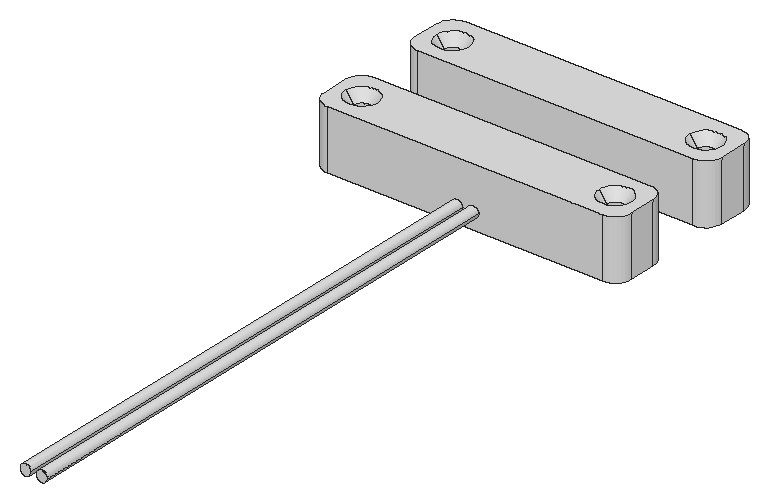
Revit family "izveshchatel okhrannyy magnitokontaktnyy 102-52", category Датчики, Revit 2023
Family settings
  Размер круглого соединителя = Использовать диаметр
  Тип детали = Нормальный
  Номер OmniClass = 23.85.50.17
  Заголовок OmniClass = Communication and Data Processing Equipment
  На основе рабочей плоскости = Нет
  Всегда вертикально = Да
  При загрузке вырезать с полостями = Нет
  Сохранять ориентацию аннотаций = Нет
  Общий = Нет
  Точка принадлежности помещению = Нет
Parameters (values of type "Извещатель охранный магнитоконтактный ИО 102-52 белый")
  Число срабатываний = "от 0,01 А до 0,05 А и напряжений от 10 В до 50 В должно быть не менее 106 при максимальной мощности 10 Вт."
  Степень защиты оболочки = "IP44"
  Срок службы = "не менее 8 лет."
  Отметка по умолчанию = 0 mm
  Описание = "Извещатель охранный точечный магнитоконтактный ИО102-52 (СМК-1) (далее – извещатель) предназначен для блокировки дверных и оконных проёмов, организации устройств типа «ловушка», а также блокировки других конструктивных элементов зданий и сооружений на открывание или смещение с выдачей сигнала «тревога» путём размыкания контактов геркона на приёмно-контрольный прибор, концентратор или пункт централизованного наблюдения."
  Keynote = ""
  Кабель = yes
  Изготовитель = [ADSK_Завод-изготовитель]  # "ООО НПП «МАГНИТО-КОНТАКТ»"
  Выходное сопротивление = "не более 0,5 Ом при токе пропускания (100±10) мА."
  URL = "https://m-kontakt.ru/produkt/datch_dlya_magn_konstr/io_102_52"
  ADSK_Размер_Ширина = 11 mm
  ADSK_Размер_Длина вывода = 100 mm
  ADSK_Размер_Длина = 57 mm
  ADSK_Размер_Диаметр = 3.2 mm
  ADSK_Размер_Высота = 11 mm
  ADSK_Примечание = "Извещатель рассчитан на непрерывную круглосуточную работу."
  ADSK_Обозначение = "ПАШК.425119.123"
  ADSK_Наименование краткое = "ИО 102-52"
  ADSK_Наименование = "Извещатель охранный точечный магнитоконтактный ИО102-52"
  ADSK_Материал = Белый
  ADSK_Масса = 0.12
  ADSK_Завод-изготовитель = "ООО НПП «МАГНИТО-КОНТАКТ»"  # constant formula
  ADSK_Единица измерения = "шт."  # constant formula
Types (4, lengths in mm): name | ADSK_Материал
  (no name) | Белый
  Извещатель охранный магнитоконтактный ИО 102-52 белый | Белый
  Извещатель охранный магнитоконтактный ИО 102-52 коричневый | Коричневый
  Извещатель охранный магнитоконтактный ИО 102-52 черный | Черный
Reference planes
  plane 1 "По центру (Вперед/Назад)": y = 0
  plane 2: z = 0
  plane 3 "По центру (Влево/Вправо)": x = 0
  plane 4: y = 5
  plane 5: y = -5
Forms (mm)
  Extrusion 1, solid, material "Белый" <- "ADSK_Материал"
    sketch origin (-28.5, -16, 0) x (1, 0, 0) y (0, 1, 0)
      loop
        line (2.991, 0) -> (54.009, 0)
        arc (54.009, 0) -> (56.124, 0.876) -> (57, 2.991) r 2.991
        line (57, 2.991) -> (57, 8.009)
        arc (57, 8.009) -> (56.124, 10.124) -> (54.009, 11) r 2.991
        line (54.009, 11) -> (2.991, 11)
        arc (2.991, 11) -> (0.876, 10.124) -> (0, 8.009) r 2.991
        line (0, 8.009) -> (0, 2.991)
        arc (0, 2.991) -> (0.876, 0.876) -> (2.991, 0) r 2.991
    from 0 to 11
  Extrusion 2, solid, material "Белый" <- "ADSK_Материал"
    sketch origin (-28.5, 16, 0) x (1, 0, 0) y (0, 1, 0)
      loop
        arc (2.991, 0) -> (0.876, -0.876) -> (0, -2.991) r 2.991
        line (0, -2.991) -> (0, -8.009)
        arc (0, -8.009) -> (0.876, -10.124) -> (2.991, -11) r 2.991
        line (2.991, -11) -> (54.009, -11)
        arc (54.009, -11) -> (56.124, -10.124) -> (57, -8.009) r 2.991
        line (57, -8.009) -> (57, -2.991)
        arc (57, -2.991) -> (56.124, -0.876) -> (54.009, 0) r 2.991
        line (54.009, 0) -> (2.991, 0)
    from 0 to 11
  Extrusion 3, solid, material "Белый" <- "ADSK_Материал", visible <- "Кабель"
    sketch origin (0, 0, 0) x (1, 0, 0) y (0, 0, 1)
      loop
        circle (1.516, 3) r 1
      loop
        circle (-1.516, 3) r 1
    from 16 to 116
  Blend 4, void
    base sketch origin (0, 0, 0) x (1, 0, 0) y (0, 1, 0)
      loop
        circle (23.5, -10.5) r 1.6
    top sketch origin (0, 0, 0) x (1, 0, 0) y (0, 1, 0)
      loop
        circle (23.5, -10.5) r 3
    from 9 to 11
  Blend 5, void
    base sketch origin (0, 0, 0) x (1, 0, 0) y (0, 1, 0)
      loop
        circle (-23.5, -10.5) r 1.6
    top sketch origin (0, 0, 0) x (1, 0, 0) y (0, 1, 0)
      loop
        circle (-23.5, -10.5) r 3
    from 9 to 11
  Blend 6, void
    base sketch origin (0, 0, 0) x (1, 0, 0) y (0, 1, 0)
      loop
        circle (-23.5, 10.5) r 1.6
    top sketch origin (0, 0, 0) x (1, 0, 0) y (0, 1, 0)
      loop
        circle (-23.5, 10.5) r 3
    from 9 to 11
  Blend 7, void
    base sketch origin (0, 0, 0) x (1, 0, 0) y (0, 1, 0)
      loop
        circle (23.5, 10.5) r 1.6
    top sketch origin (0, 0, 0) x (1, 0, 0) y (0, 1, 0)
      loop
        circle (23.5, 10.5) r 3
    from 9 to 11
  Extrusion 8, void
    sketch origin (0, 0, 9) x (0, 1, 0) y (1, 0, 0)
      loop
        circle (-10.5, -23.5) r 1.6
    from 0 to 9
  Extrusion 9, void
    sketch origin (0, 0, 9) x (0, 1, 0) y (1, 0, 0)
      loop
        circle (-10.5, 23.5) r 1.6
    from 0 to 9
  Extrusion 10, void
    sketch origin (0, 0, 9) x (0, 1, 0) y (1, 0, 0)
      loop
        circle (10.5, -23.5) r 1.6
    from 0 to 9
  Extrusion 11, void
    sketch origin (0, 0, 9) x (0, 1, 0) y (1, 0, 0)
      loop
        circle (10.5, 23.5) r 1.6
    from 0 to 9
Cuts and joins
  Blend 4, Blend 5, Extrusion 8, Extrusion 9 cuts Extrusion 1
  Blend 6, Blend 7, Extrusion 10, Extrusion 11 cuts Extrusion 2
Dimensions and locks
  "ADSK_Размер_Длина вывода": Extrusion 3 to cut or joined group of Extrusion 1, Blend 4, Blend 5, Extrusion 8, Extrusion 9
  aligned and locked: level to plane 2
  aligned and locked: plane 5 to Extrusion 1
  aligned and locked: Extrusion 2 to plane 4
Automatic sketch dimensions
  Extrusion 1 sketch curve to plane 5 = 0 mm
  Extrusion 1 sketch curve to plane 5 = 8.009 mm
  Extrusion 1 sketch curve to plane 3 "По центру (Влево/Вправо)" = 28.5 mm
  Extrusion 1 sketch curve to plane 5 = 2.991 mm  (x2)
  Extrusion 1 sketch curve to Extrusion 1 sketch curve = 2.991 mm
  plane 3 "По центру (Влево/Вправо)" to Extrusion 1 sketch curve = 25.509 mm
  Extrusion 1 sketch curve to Extrusion 1 sketch curve = 0 mm
  Extrusion 2 sketch curve to plane 4 = 0 mm
  plane 4 to Extrusion 2 sketch curve = 8.009 mm
  Extrusion 2 sketch curve to plane 3 "По центру (Влево/Вправо)" = 28.5 mm
  plane 4 to Extrusion 2 sketch curve = 2.991 mm  (x2)
  Extrusion 2 sketch curve to Extrusion 2 sketch curve = 2.991 mm
  plane 3 "По центру (Влево/Вправо)" to Extrusion 2 sketch curve = 25.509 mm
  Extrusion 2 sketch curve to Extrusion 2 sketch curve = 0 mm
  Extrusion 3 sketch curve to plane 3 "По центру (Влево/Вправо)" = 1.516 mm
  plane 3 "По центру (Влево/Вправо)" to Extrusion 3 sketch curve = 1.516 mm
  level to Extrusion 3 sketch curve = 3 mm  (x2)
  Blend 4 sketch curve to plane 5 = 5.5 mm  (x2)
  plane 3 "По центру (Влево/Вправо)" to Blend 4 sketch curve = 23.5 mm  (x2)
  Blend 5 sketch curve to plane 5 = 5.5 mm  (x2)
  Blend 5 sketch curve to plane 3 "По центру (Влево/Вправо)" = 23.5 mm  (x2)
  plane 4 to Blend 6 sketch curve = 5.5 mm  (x2)
  Blend 6 sketch curve to plane 3 "По центру (Влево/Вправо)" = 23.5 mm  (x2)
  plane 4 to Blend 7 sketch curve = 5.5 mm  (x2)
  plane 3 "По центру (Влево/Вправо)" to Blend 7 sketch curve = 23.5 mm  (x2)
  Extrusion 8 sketch curve to Extrusion 8 sketch curve = 0 mm  (x2)
  Extrusion 8 sketch curve to Extrusion 8 sketch curve = 1.6 mm
  Extrusion 10 sketch curve to Extrusion 10 sketch curve = 0 mm  (x2)
  Extrusion 10 sketch curve to Extrusion 10 sketch curve = 1.6 mm
  Extrusion 11 sketch curve to Extrusion 11 sketch curve = 0 mm  (x2)
  Extrusion 11 sketch curve to Extrusion 11 sketch curve = 1.6 mm
  radius of Extrusion 3 sketch curve = 1 mm  (x2)
  radius of Blend 4 sketch curve = 1.6 mm
  radius of Blend 4 sketch curve = 3 mm
  radius of Blend 5 sketch curve = 1.6 mm
  radius of Blend 5 sketch curve = 3 mm
  radius of Blend 6 sketch curve = 1.6 mm
  radius of Blend 6 sketch curve = 3 mm
  radius of Blend 7 sketch curve = 1.6 mm
  radius of Blend 7 sketch curve = 3 mm
  radius of Extrusion 9 sketch curve to Blend 4 = 0 mm
Connectors
  electrical at (0, 0, 0)
    settings: index 1, voltage 0 V, apparent load 0 VA, apparent load phase1 0 VA, apparent load phase2 0 VA, apparent load phase3 0 VA, power factor 1, load classification "Прочее", number of poles 1, system type 10, power factor state 1, is connector primary yes, connector utility no, sub classification motor no, connector description ""
